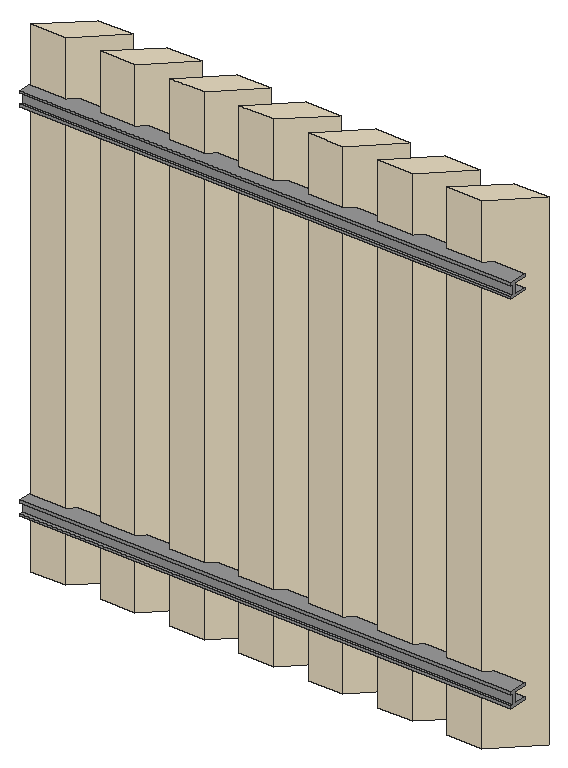
Revit family "HOB_GEN_Cottesloe_Standard", category Generic Models, Revit 2026
Family settings
  Can host rebar = No
  Round Connector Dimension = Use Diameter
  Part Type = Normal
  Work Plane-Based = No
  Always vertical = Yes
  Cut with Voids When Loaded = No
  Maintain Annotation Orientation = No
  Shared = Yes
  Room Calculation Point = No
Parameters (values of type "Cottesloe Standard 396x1830")
  Width [instance] = 396 mm
  URL = "https://houseofbamboo.com.au/"
  TotalCost [instance] = (N. PanelsHorizontal * N.PanelsVertical) * PanelCost  # 300
  Support Rail Material = HOB_Black
  SideOffset = 29 mm
  RailTopOffset = 50 mm
  RailSupportHeight [instance] = 296 mm
  RailBottomOffset = 50 mm
  PanelCost = 300  # constant formula
  NumberOfRails [instance] = roundup((Length - (RailBottomOffset + RailTopOffset)) / 1000 mm) + 1  # 2
  NumberOfBattens [instance] = roundup((Width - SideOffset) / BattenSpacing)  # 7
  N.PanelsVertical [instance] = roundup(Length / 1800 mm)  # 1
  N. PanelsHorizontal [instance] = roundup(Width / 406 mm)  # 1
  Model = "Cottesloe Stanndard"
  Manufacturer = "HOB"
  Length [instance] = 396 mm
  Description = "28x40 mm slat / 396 mm standard width / 1830/2440 mm Standard height"
  Default Elevation = 0 mm
  Cost = 286
  BattensBottomOffset = 0 mm
  BattensTopOffset = 0 mm
  BattensLength [instance] = Length - (BattensTopOffset + BattensBottomOffset)  # 396 mm
  Battens Material = Bamboo_horizontalGrain
  BattenWidth = 20 mm
  BattenSpacing = 56 mm  # constant formula
  BattenDepth = 20 mm
  BambooVolume [instance] = ((BattenDepth * BattenWidth) * BattensLength) * NumberOfBattens  # 0.0011088 m³
Reference planes
  plane 1 "Center (Front/Back)": y = 0
  plane 2: z = 0
  plane 3 "Center (Left/Right)": x = 0
  plane 4: z = 396
  plane 5: z = 50
  plane 6: z = 346
  plane 7: x = -198
  plane 8: x = 198
  plane 9: z = 346
  plane 10: x = -169
  plane 11: x = 169
  plane 12: z = 0
  plane 13: z = 396
  plane 14: x = -113
Dimensions and locks
  "Length": plane 4 to plane 2
  "RailTopOffset": plane 4 to plane 6
  "RailBottomOffset": plane 5 to level
  equal spacing: plane 8, plane 3 "Center (Left/Right)", plane 7
  "Width": plane 8 to plane 7
  "RailSupportHeight": plane 6 to plane 5
  group 2 to group 3 = 0 mm  (x2)
  group 2 to group 3 = 296 mm
  "SideOffset": plane 7 to plane 10
  "SideOffset": plane 11 to plane 8
  "BattensBottomOffset": plane 12 to plane 2
  "BattensTopOffset": plane 4 to plane 13
  equal spacing: group 4, group 5, group 6, group 7, group 8, group 9, group 10  (x3)
  nested 3 to nested 4 = 39.598 mm
  plane 7 to plane 8 = 396 mm
  nested 3 to plane 14 to nested 5 to nested 6 to nested 7 = 56 mm, 56 mm, 56 mm, 56 mm
  "BattenSpacing": plane 10 to plane 14
  nested 3 to nested 3 to nested 3 to nested 4 = 30 mm, 28 mm, 28 mm
  plane 1 "Center (Front/Back)" to nested 3 = 30 mm
  plane 7 to nested 3 = 1 mm
  aligned and locked: level to plane 2
  aligned and locked: plane 5 to nested 1
  aligned and locked: nested 1 to plane 7
  aligned and locked: plane 9 to plane 6
  aligned and locked: plane 9 to nested 2
  aligned and locked: nested 2 to plane 7
  aligned and locked: plane 12 to nested 3
  aligned and locked: plane 14 to nested 4
  aligned and locked: plane 10 to nested 3
  aligned and locked: plane 1 "Center (Front/Back)" to nested 3
Nested families
  nested 1: "HOB_SupportChannel" at (-198, 0, 50), suport length <- "Width", type "HOB_SupportChannel"
    with suport length 396 mm
  nested 2: "HOB_SupportChannel" at (-198, 0, 346), suport length <- "Width", type "HOB_SupportChannel"
    with suport length 396 mm
  nested 3: "HOB_Slat_Cottlesloe" at (-169, 15, 0), Length <- "BattensLength", type "HOB_28X30Slat"
    with Length 396 mm, Bamboo Volume 0.00033264 m³
  nested 4: "HOB_Slat_Cottlesloe" at (-113, 15, 0), Length <- "BattensLength", type "HOB_28X30Slat"
    with Length 396 mm, Bamboo Volume 0.00033264 m³
  nested 5: "HOB_Slat_Cottlesloe" at (-57, 15, 0), Length <- "BattensLength", type "HOB_28X30Slat"
    with Length 396 mm, Bamboo Volume 0.00033264 m³
  nested 6: "HOB_Slat_Cottlesloe" at (-1, 15, 0), Length <- "BattensLength", type "HOB_28X30Slat"
    with Length 396 mm, Bamboo Volume 0.00033264 m³
  nested 7: "HOB_Slat_Cottlesloe" at (55, 15, 0), Length <- "BattensLength", type "HOB_28X30Slat"
    with Length 396 mm, Bamboo Volume 0.00033264 m³
  nested 8: "HOB_Slat_Cottlesloe" at (111, 15, 0), Length <- "BattensLength", type "HOB_28X30Slat"
    with Length 396 mm, Bamboo Volume 0.00033264 m³
  nested 9: "HOB_Slat_Cottlesloe" at (167, 15, 0), Length <- "BattensLength", type "HOB_28X30Slat"
    with Length 396 mm, Bamboo Volume 0.00033264 m³
Definition of nested family "HOB_SupportChannel"
  Parameters (values of type "HOB_SupportChannel")
    suport length [instance] = 1328.353 mm
    Default Elevation = 0 mm
    ChannelMaterial = none
  Reference planes
    plane 1 "Center (Front/Back)": y = 0
    plane 2: z = 0
    plane 3 "Center (Left/Right)": x = 0
    plane 4: x = 1328.353
  Forms (mm)
    Extrusion 1, solid, material <- "ChannelMaterial"
      sketch origin (0, 0, 0) x (0, 1, 0) y (0, 0, 1)
        loop
          line (-10, -6) -> (5, -6) -> (5, -4) -> (-5.5, -4) -> (-5.5, 4) -> (5, 4) -> (5, 6) -> (-10, 6) -> (-10, 4) -> (-7.5, 4) -> (-7.5, -4) -> (-10, -4) -> (-10, -6)
      from 0 to 1328.353
  Dimensions and locks
    "suport length": plane 3 "Center (Left/Right)" to plane 4
    aligned and locked: level to plane 2
    aligned and locked: plane 4 to Extrusion 1
    aligned and locked: Extrusion 1 to plane 3 "Center (Left/Right)"
  Automatic sketch dimensions
    plane 1 "Center (Front/Back)" to Extrusion 1 sketch curve = 10 mm
    Extrusion 1 sketch curve to Extrusion 1 sketch curve = 0 mm  (x2)
    Extrusion 1 sketch curve to Extrusion 1 sketch curve = 2.5 mm
    Extrusion 1 sketch curve to Extrusion 1 sketch curve = 2 mm  (x3)
    Extrusion 1 sketch curve to plane 1 "Center (Front/Back)" = 5 mm  (x2)
    Extrusion 1 sketch curve to level = 6 mm
    level to Extrusion 1 sketch curve = 4 mm  (x2)
Definition of nested family "HOB_Slat_Cottlesloe"
  Parameters (values of type "HOB_30X30Slat")
    URL = "https://houseofbamboo.com.au/?srsltid=AfmBOopKvmLmijiXSDxFseqwisUoSKTFilojyS4sN3lgOhkDU0dI4o05"
    Type Comments = "20x20 mm Laminated Bamboo Batten"
    Manufacturer = "House Of Bamboo"
    Length [instance] = 871.114 mm
    Default Elevation = 0 mm
    BattenWidth = 30 mm
    BattenMAterial = none
    BattenDepth = 30 mm
    Bamboo Volume [instance] = (BattenDepth * BattenWidth) * Length  # 0.000784002 m³
  Reference planes
    plane 1 "Center (Front/Back)": y = 0
    plane 2: z = 0
    plane 3 "Center (Left/Right)": x = 0
    plane 4: x = -30
    plane 5: y = 15
    plane 6: y = -15
    plane 7: z = 871.114
    plane 8: x = -15
  Forms (mm)
    Extrusion 1, solid, material <- "BattenMAterial"
      sketch origin (0, 0, 0) x (1, 0, 0) y (0, 1, 0)
        loop
          line (-30, -15) -> (0, -15) -> (30, 15) -> (0, 15) -> (-30, -15)
      from 0 to 871.114
  Lines and regions (mm)
    reference lines
      curve 1: line (-30, -15, 0) -> (15.962, 30.962, 0)
      curve 2: line (-15, -15, 0) -> (30.962, 30.962, 0)
      curve 3: line (0, -15, 0) -> (45.962, 30.962, 0)
  Dimensions and locks
    equal spacing: plane 6, plane 1 "Center (Front/Back)", plane 5
    "BattenDepth": plane 5 to plane 6
    "Length": plane 7 to plane 2
    "BattenWidth": plane 4 to plane 3 "Center (Left/Right)"
    equal spacing: plane 4, plane 8, plane 3 "Center (Left/Right)"
    locked: curve 1 to plane 4 (angle 45.00°)
    locked: plane 6 to curve 2 (angle 45.00°)
    locked: plane 6 to curve 3 (angle 45.00°)
    aligned and locked: level to plane 2
    aligned and locked: Extrusion 1 sketch curve to plane 6
    aligned and locked: plane 7 to Extrusion 1
    aligned and locked: Extrusion 1 sketch curve to plane 5
    aligned and locked: Extrusion 1 sketch curve to curve 1
    aligned and locked: Extrusion 1 sketch curve to curve 3
  Automatic sketch dimensions
    curve 1 to plane 4 = 0 mm
    curve 3 to plane 3 "Center (Left/Right)" = 0 mm
    curve 2 to plane 6 = 0 mm
    curve 2 to plane 8 = 0 mm
    curve 3 to plane 6 = 0 mm
    curve 1 to plane 6 = 0 mm
